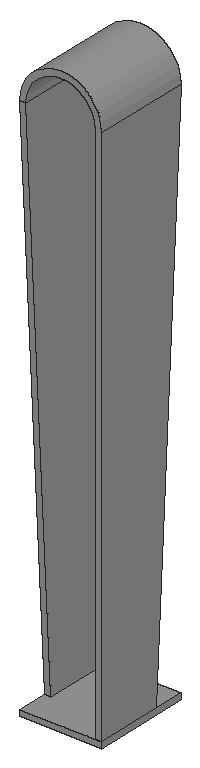
Revit family "Велопарковка «Стиль» Арт 14029", category Антураж, Revit 2018
Family settings
  На основе рабочей плоскости = Нет
  Всегда вертикально = Да
  При загрузке вырезать с полостями = Нет
  Источник визуального образа = Геометрия семейства
  Общий = Нет
  Точка расчета площади = Нет
Parameters (values of type "1 Секция")
  Ширина = 160 mm  # constant formula
  Цвет каркаса = Сталь
  Описание = "Велопарковка «Стиль»"  # constant formula
  Материал изделия = "Сталь"  # constant formula
  Изображение типоразмера = Велопарковка «Стиль» Арт 14029.jpeg
  Изготовитель = "ООО «Хоббика»"  # constant formula
  Длина = 133 mm  # constant formula
  Группа модели = "Велопарковки"  # constant formula
  Высота = 962 mm  # constant formula
  Артикул товара = "Арт.14029"  # constant formula
  URL = "https://hobbyka.ru/product/veloparkovka_stil/"
Reference planes
  plane 1 "По центру (Вперед/Назад)": y = 0
  plane 2: z = 0
  plane 3 "По центру (Влево/Вправо)": x = 0
  plane 4: x = 133
  plane 5: y = 160
  plane 6: z = 962
Forms (mm)
  Extrusion 1, solid, material "Сталь" <- "Цвет каркаса"
    sketch origin (0, 0, 0) x (1, 0, 0) y (0, 1, 0)
      loop
        line (0, 160) -> (0, 0) -> (133, 0) -> (133, 160) -> (0, 160)
    from 0 to 10
  Extrusion 2, solid, material "Сталь" <- "Цвет каркаса"
    sketch origin (0, 0, 0) x (1, 0, 0) y (0, 0, 1)
      loop
        line (0, 895.5) -> (0, 10) -> (10, 10) -> (10, 895.5)
        arc (10, 895.5) -> (66.5, 952) -> (123, 895.5) r 56.5
        line (123, 895.5) -> (123, 10) -> (133, 10) -> (133, 895.5)
        arc (133, 895.5) -> (66.5, 962) -> (0, 895.5) r 66.5
    from 0 to -160
  Extrusion 3, void
    sketch origin (0, 0, 0) x (0, 1, 0) y (0, 0, 1)
      loop
        line (0, 895.5) -> (0, 10) -> (50, 10) -> (0, 895.5)
    from 0 to 10
  Extrusion 4, void
    sketch origin (0, 0, 0) x (0, 1, 0) y (0, 0, 1)
      loop
        line (160, 10) -> (160, 895.5) -> (110, 10) -> (160, 10)
    from 123 to 133
Cuts and joins
  Extrusion 3, Extrusion 4 cuts Extrusion 1
  Extrusion 3, Extrusion 4 cuts Extrusion 2
Dimensions and locks
  "Ширина": plane 5 to plane 1 "По центру (Вперед/Назад)"
  "Длина": plane 3 "По центру (Влево/Вправо)" to plane 4
  "Высота": plane 6 to level
  aligned and locked: level to plane 2
  aligned and locked: Extrusion 1 sketch curve to plane 5
  aligned and locked: plane 3 "По центру (Влево/Вправо)" to Extrusion 1 sketch curve
  aligned and locked: Extrusion 1 sketch curve to plane 1 "По центру (Вперед/Назад)"
  aligned and locked: Extrusion 1 sketch curve to plane 4
  aligned and locked: plane 5 to Extrusion 2
Automatic sketch dimensions
  Extrusion 2 sketch curve to Extrusion 2 sketch curve = 0 mm  (x2)
  Extrusion 2 sketch curve to plane 3 "По центру (Влево/Вправо)" = 0 mm
  Extrusion 2 sketch curve to plane 4 = 0 mm
  plane 3 "По центру (Влево/Вправо)" to Extrusion 2 sketch curve = 10 mm
  level to Extrusion 2 sketch curve = 10 mm  (x2)
  Extrusion 2 sketch curve to plane 6 = 66.5 mm
  Extrusion 3 sketch curve to plane 1 "По центру (Вперед/Назад)" = 0 mm
  level to Extrusion 3 sketch curve = 10 mm
  Extrusion 3 sketch curve to plane 1 "По центру (Вперед/Назад)" = 50 mm
  Extrusion 3 sketch curve to plane 6 = 66.5 mm
  Extrusion 4 sketch curve to plane 5 = 0 mm
  level to Extrusion 4 sketch curve = 10 mm
  Extrusion 4 sketch curve to Extrusion 4 sketch curve = 50 mm
  Extrusion 4 sketch curve to plane 6 = 66.5 mm
